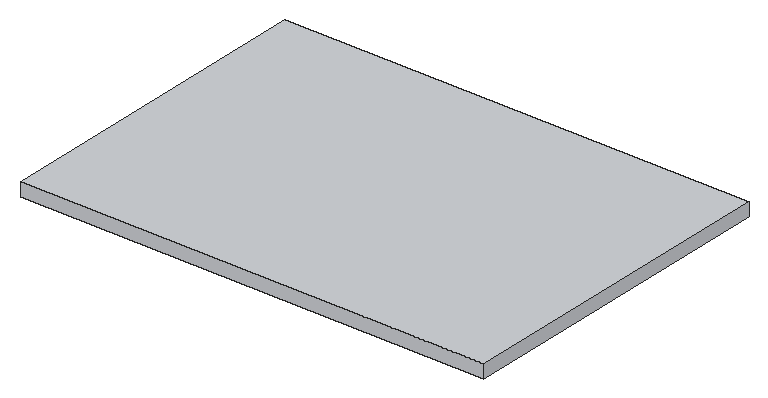
Revit family "AROHA - Lavabo alto TERM", category Aparatos sanitarios, Revit 2016
Family settings
  Anfitrión = Cara
  Tipo de pieza = Normal
  Cota de conector redondo = Diámetro de uso
  Número OmniClass = 23.45.05.14.14
  Título OmniClass = Sinks/Lavatories
  Corte con vacíos al cargar = No
  Compartido = No
  Punto de cálculo de habitación = No
Parameters
  WFU = 0
  URL = "http://www.griferiasgalindo.com"
  Sistema = "AFS / ACS"
  Referencia = "4605500"
  Notas de suministro = "Suministrados con latiguillos flexibles hembra de 1/2” y longitud 60 cm."
  Modelo = "AROHA Lavabo alto"
  Material = Latón, cromado
  HWFU = 1
  Fabricante = "GALINDO"
  Email = "info@griferiasgalindo.com"
  Teléfono = "+34 93 680 13 15"
  Default Elevation = 48"
  Diámetro entrada = 3/4"
  Descripción = "Grifería de cuello largo para lavabo."
  Código de montaje = "D2020"
  Comentarios de tipo = "Cartucho sellado mezclador con discos cerámicos de diámetro 35 mm."
  Cierre = "Manual"
  Caudal = 6.0 L/min
  CWFU = 1
  Accionamiento = "Por maneta"
Reference planes (in)
  plane 1 "Centro (Frontal/Posterior)": y = 0
  plane 2: z = 0
  plane 3 "Centro (Izquierda/Derecha)": x = 0
Forms (in)
  Extrusion 1, solid
    sketch origin (0, 0, 0) x (1, 0, 0) y (0, 1, 0)
      loop
        line (-6.44299, 4.74141) -> (-6.44299, -4.80498) -> (6.97478, -4.80498) -> (6.97478, 4.74141) -> (-6.44299, 4.74141)
    from 0 to -0.38452
Dimensions and locks (in)
  aligned and locked: plane 2 to Extrusion 1
  aligned and locked: level to Extrusion 1
Connectors (in)
  piping at (-0.03937, 0.15919, 0), diameter 0.75, driven by "Caudal", driven by "Diámetro entrada"
    settings: on import instance, index 1, connector inside diameter 609.6 mm, connector length 0", flow factor 0, pipe flow 6.0 L/min, pressure drop 0.0 Pa, fitting loss kfactor 0, connector angle 0.00°, fixture units 0, engagement length 0", angle of deflection 0.00°, flow configuration 0, flow direction 1, fitting loss method 0, system type 19, joint type 0, gender type 0, connector reference index -1, connector utility 0, adjustable connector no, is connector primary yes, connector description ""
